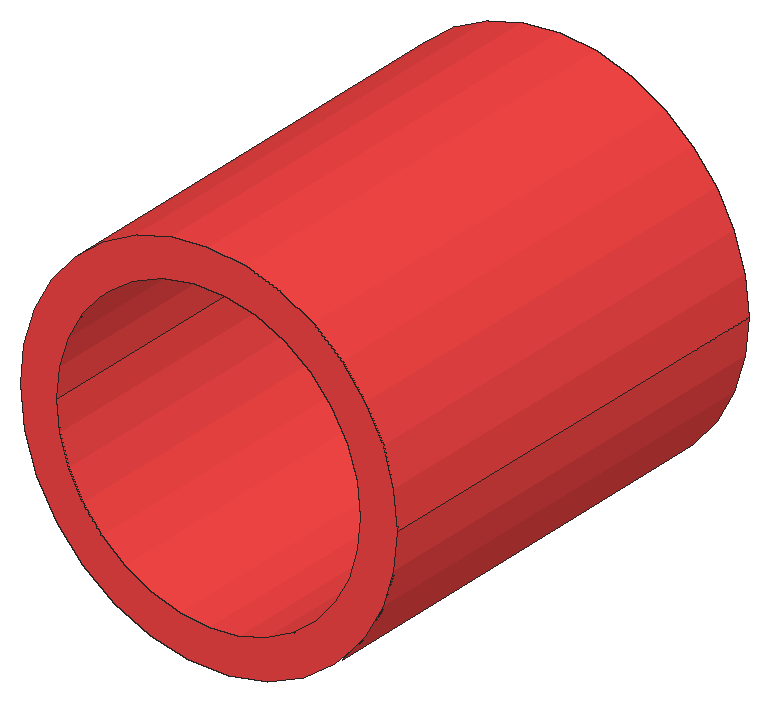
Revit family "FF109 Vent Duct Fire Sleeve LP - Circular", category Specialty Equipment, Revit 2015
Parameters (values of type "Ø125mm")
  Width_Calc [instance] = if(Width < 280 mm, if(Width > 50 mm, Width, 50 mm), 280 mm)  # 180 mm
  Wall Width [instance] = 130 mm
  URL = "https://www.tenmat.com/passive-fire-protection"
  Thickness = 15 mm
  Tenmat Item Number = ""
  Youtube clip = ""
  Protrusion_Length [instance] = if(Ablative Coated Fire Batts, 40 mm, 25 mm)  # 25 mm
  Pipe Material Suitability = "HDEP, UPVC, PVC"
  Performance = "BS EN 1366-3:2009 & BS 476, ETA-12/0332, 1224-CPR-0341, CE Marked"
  OutsideRadius [instance] = InsideRadius + Thickness  # 77.5 mm
  Model = ""
  Material = "Intumescent Sealant"
  Manufacturer = "Tenmat ltd"
  Width [instance] = Wall Width + Protrusion_Length * 2  # 180 mm
  IFC Classification = "Building Element Proxy"
  InsideRadius [instance] = 62.5 mm
  Description = "FireFly 109 Vent Duct Sleeve LP"
  Cut length [instance] = pi() * OutsideRadius * 2  # 486.947 mm
  Assembly Code = ""
  Ablative Coated Fire Batts [instance] = no
Types (3, lengths in mm): name | Thickness | OutsideRadius | InsideRadius | Cut length
  Ø100mm | 15 | 65 | 50 | 408.407
  Ø125mm | 15 | 77.5 | 62.5 | 486.947
  Ø150mm | 20 | 95 | 75 | 596.903
Reference planes
  plane 1 "Center (Front/Back)": y = 0
  plane 2: z = 0
  plane 3 "Center (Left/Right)": x = 0
  plane 4 "Back": y = 90
  plane 5 "Front": y = -90
  plane 6: y = 0.5
Forms (mm)
  Extrusion 1, solid, material "Tenmat"
    sketch origin (0, 0, 0) x (1, 0, 0) y (0, 0, 1)
      loop
        circle (0, 0) r 62.5
      loop
        circle (0, 0) r 77.5
    from -90 to 90
Dimensions and locks
  equal spacing: plane 4 "Back", plane 1 "Center (Front/Back)", plane 5 "Front"
  "Width_Calc": plane 4 "Back" to plane 5 "Front"
  "InsideRadius": radius of Extrusion 1 sketch curve
  "OutsideRadius": radius of Extrusion 1 sketch curve
  aligned and locked: level to plane 2
  aligned and locked: plane 3 "Center (Left/Right)" to Extrusion 1 sketch curve  (x2)
  aligned and locked: plane 2 to Extrusion 1 sketch curve  (x2)
  aligned and locked: plane 4 "Back" to Extrusion 1
  aligned and locked: plane 5 "Front" to Extrusion 1
